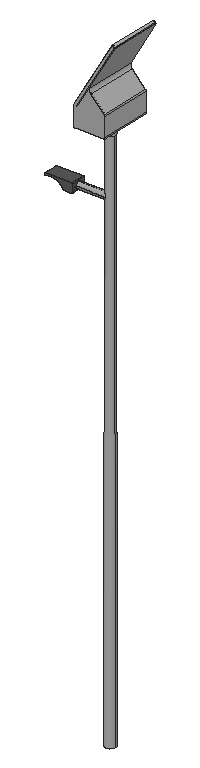
Revit family "Farola Solar Moon M acero galvanizado", category Luminarias, Revit 2021
Family settings
  Cota de conector redondo = Diámetro de uso
  Tipo de pieza = Normal
  Se basa en plano de trabajo = No
  Siempre vertical = Sí
  Corte con vacíos al cargar = No
  Origen de luz = No
  Compartido = Sí
  Punto de cálculo de habitación = No
Parameters (values of type "Farola Olintu S pintura gris")
  URL producto = "https://ekiona.com/farolas-solares/serie-moon/"
  URL = "https://www.ekiona.com/"
  Teléfono de contacto = "(+34) 943 30 80 51"
  Keynote = ""
  Modelo = "Modelo Moon"
  Marcado CE = "SÍ"
  Garantía = "5 años"
  Gama de colores = "Blanco, Negro, Gris, Verde bosque, acero galvanizado"
  Gama de acabados = "Galvanizado, Fibra de vidrio, Aluminio"
  Fabricante = "Ekiona"
  Elevación por defecto = 2000 mm
  E-mail de contacto = "info@ekiona.com"
  Distancia inserto-columa = Altura columna planos - 136 mm  # 5864 mm
  Distancia brazo-final de columna = Altura columna planos - 700 mm  # 5300 mm
  Dirección = "Parque Tecnológico Miramón - Paseo Mikeletegi 56 - 20009 Donostia/San Sebastián"
  Descripción de la empresa = "Diseñamos, desarrollamos, fabricamos y comercializamos farolas solares que se adaptan a cualquier necesidad."
  Descripción = "Farola solar compacta y estética, la unión entre eficiencia y diseño"
  Clase eficiencia energética = "A++"
  Altura columna extremos = 6000 mm
  Altura columna planos = Altura columna extremos  # 6000 mm
Types (3, lengths in mm): name | URL producto | Modelo | Garantía | Gama de colores | Gama de acabados | Distancia inserto-columa | Distancia brazo-final de columna | Dirección | Descripción de la empresa | Descripción | Altura columna extremos | Altura columna planos
  (no name) | "https://ekiona.com/farolas-solares/serie-moon/" | "Modelo Moon" | "5 años" | "Blanco, Negro, Gris, Verde bosque, acero galvanizado" | "Galvanizado, Fibra de vidrio, Aluminio" | 5864 | 5300 | "Parque Tecnológico Miramón - Paseo Mikeletegi 56 - 20009 Donostia/San Sebastián" | "Diseñamos, desarrollamos, fabricamos y comercializamos farolas solares que se adaptan a cualquier necesidad." | "Farola solar compacta y estética, la unión entre eficiencia y diseño" | 6000 | 6000
  Farola Olintu S pintura blanca | "https://ekiona.com/farolas-solares/serie-olintu/" | "Modelo Olintu" | "2 años" | "" | "" | 3864 | 3300 | "" | "" | "Farola solar que combina diseño y eficencia" | 4000 | 4000
  Farola Olintu S pintura gris | "https://ekiona.com/farolas-solares/serie-moon/" | "Modelo Moon" | "5 años" | "Blanco, Negro, Gris, Verde bosque, acero galvanizado" | "Galvanizado, Fibra de vidrio, Aluminio" | 5864 | 5300 | "Parque Tecnológico Miramón - Paseo Mikeletegi 56 - 20009 Donostia/San Sebastián" | "Diseñamos, desarrollamos, fabricamos y comercializamos farolas solares que se adaptan a cualquier necesidad." | "Farola solar compacta y estética, la unión entre eficiencia y diseño" | 6000 | 6000
Reference planes
  plane 1 "Center (Front/Back)": y = 0
  plane 2: z = 0
  plane 3 "Center (Left/Right)": x = 0
  plane 4: z = 6000
  plane 5: z = 5300
Dimensions and locks
  "Altura columna planos": plane 2 to plane 4
  "Distancia brazo-final de columna": level to plane 5
  "Distancia inserto-columa": level to nested 3
  aligned and locked: level to plane 2
  aligned and locked: plane 5 to nested 2
Nested families
  nested 1: "Columna Moon M acero galvanizado" at (5, 0, 0), Altura columna <- "Altura columna extremos", type "Columna 6m"
  nested 2: "Luminaria Moon M acero galvanizado" at (5, 0, 5251.464), type "Luminaria 20W"
  nested 3: "Tolva Moon M acero galvanizado" at (5, 340, 4524.796), type "Tolva Moon M acero galvanizado"
Definition of nested family "Columna Moon M acero galvanizado"
  Parameters (values of type "Columna 7m")
    Øsuperior columna = 88 mm
    Øinferior columna = 115 mm
    Material columna = none
    Default Elevation = 0 mm
    Altura columna [instance] = 7000 mm
  Types (2, lengths in mm): name | Altura columna
    Columna 6m | 6000
    Columna 7m | 7000
  Reference planes
    plane 1 "Center (Front/Back)": y = 0
    plane 2: z = 0
    plane 3 "Center (Left/Right)": x = 0
    plane 4: z = 7000
  Forms (mm)
    Blend 1, solid, material <- "Material columna"
      base sketch origin (0, 0, 0) x (1, 0, 0) y (0, 1, 0)
        loop
          circle (0.091, 0.421) r 57.5
      top sketch origin (0, 0, 0) x (1, 0, 0) y (0, 1, 0)
        loop
          circle (0.091, 0.421) r 44
      from 0 to 7000
  Dimensions and locks
    "Altura columna": plane 4 to level
    "Øinferior columna": diameter of Blend 1 sketch curve
    "Øsuperior columna": diameter of Blend 1 sketch curve
    aligned and locked: level to plane 2
    aligned and locked: plane 4 to Blend 1
  Automatic sketch dimensions
    plane 3 "Center (Left/Right)" to Blend 1 sketch curve = 0.091 mm  (x2)
    Blend 1 sketch curve to plane 1 "Center (Front/Back)" = 0.421 mm  (x2)
Definition of nested family "Luminaria Moon M acero galvanizado"
  Parameters (values of type "Luminaria 50W")
    Tilt Angle = 70.00°
    built-in parameter 1010506 = 0.34907 (stored number, unit not read)
    built-in parameter 1010507 = 1.2217 (stored number, unit not read)
    Wattage = 50 W
    built-in parameter 1150107 = 3000 (stored number, unit not read)
    built-in parameter 1150110 = 1 (stored number, unit not read)
    built-in parameter 1150109 = 1 (stored number, unit not read)
    built-in parameter 1150112 = 1 (stored number, unit not read)
    built-in parameter 1150113 = 1 (stored number, unit not read)
    built-in parameter 1114218 = 1 (stored number, unit not read)
    built-in parameter 1150137 = (empty or 0)
    built-in parameter 1150132 = (empty or 0)
    Material luminaria = none
    Material brazo = none
    Material LED = none
    Light Source Symbol Length = 3048 mm
    built-in parameter 1150105 = 60769.7 (stored number, unit not read)
    built-in parameter 1150102 = (empty or 0)
    built-in parameter 1150106 = 607.7 (stored number, unit not read)
    Emit Shape Visible in Rendering = no
    Lumens = 8250 lm
    Color Filter = 16777215
    built-in parameter 1114217 = 0.7 (stored number, unit not read)
    built-in parameter 1150139 = (empty or 0)
    Default Elevation = 0 mm
    built-in parameter 1150104 = 15.329 (stored number, unit not read)
    Emit from Circle Diameter = 50 mm
    built-in parameter 1150115 = 1 (stored number, unit not read)
    built-in parameter 1150114 = 1 (stored number, unit not read)
    built-in parameter 1150138 = (empty or 0)
    built-in parameter 1150134 = (empty or 0)
    Dimming Lamp Color Temperature Shift = (empty or 0)
    built-in parameter 1150133 = 10 (stored number, unit not read)
  Types (4, lengths in mm): name | Wattage | built-in parameter 1150105 | built-in parameter 1150106 | Lumens
    Luminaria 30W | 30 W | 36461.8 (stored number, unit not read) | 364.62 (stored number, unit not read) | 4950 lm
    Luminaria 20W | 20 W | 24307.9 (stored number, unit not read) | 243.08 (stored number, unit not read) | 3300 lm
    Luminaria 40W | 40 W | 48615.8 (stored number, unit not read) | 486.16 (stored number, unit not read) | 6600 lm
    Luminaria 50W | 50 W | 60769.7 (stored number, unit not read) | 607.7 (stored number, unit not read) | 8250 lm
  Reference planes
    plane 1 "Center (Front/Back)": y = 0
    plane 2: z = 0
    plane 3 "Center (Left/Right)": x = 0
  Forms (mm)
    Revolve 1, solid, material <- "Material brazo"
      sketch origin (303.946, 1.989, 0) x (1, 0, 0) y (0, 1, 0)
        loop
          line (-668.06, 30) -> (-302.022, 30) -> (-302.022, 33.284) -> (-668.06, 33.284) -> (-668.06, 30)
        axis (-668.06, 0) -> (-302.022, 0)
      angle from 0 to 360
    Revolve 2, solid, material <- "Material LED"
      sketch origin (637.978, 0, -3.572) x (1, 0, 0) y (0, 0, 1)
        loop
          arc (-1192.369, 27.257) -> (-1185.047, 9.579) -> (-1167.369, 2.257) r 25
          line (-1167.369, 2.257) -> (-1167.369, 27.257) -> (-1192.369, 27.257)
        axis (-1167.369, 27.257) -> (-1167.369, 2.257)
      angle from 0 to 360
    Extrusion 3, solid, material <- "Material luminaria"
      sketch origin (188.457, 170, 0) x (1, 0, 0) y (0, 0, 1)
        loop
          arc (-530.557, 45) -> (-532.034, 47.059) -> (-534.093, 48.536) r 7.795
          line (-534.093, 48.536) -> (-819.093, 48.536)
          arc (-819.093, 48.536) -> (-830.585, 37.044) -> (-819.093, 25.552) r 11.492
          line (-819.093, 25.552) -> (-754.765, 25.552)
          arc (-754.765, 25.552) -> (-719.662, 20.455) -> (-685.221, 11.966) r 364.063
          arc (-685.221, 11.966) -> (-667.18, 1.896) -> (-655.103, -14.869) r 47.612
          arc (-655.103, -14.869) -> (-633.37, -40.263) -> (-603.441, -55.142) r 83.798
          arc (-603.441, -55.142) -> (-569.333, -56.37) -> (-535.764, -50.207) r 157.18
          arc (-535.764, -50.207) -> (-532.082, -48.682) -> (-530.557, -45) r 5.207
          line (-530.557, -45) -> (-530.557, 45)
      from 95.307 to 250
  Dimensions and locks
    aligned and locked: level to plane 2
Definition of nested family "Tolva Moon M acero galvanizado"
  Parameters (values of type "Tolva Moon M acero galvanizado")
    Model = "Tolva Olintu"
    Material inserto = none
    Material estructura base = none
    Manufacturer = "Ekiona"
    Default Elevation = 0 mm
    Ancho panel = 545 mm
  Reference planes
    plane 1 "Center (Front/Back)": y = 0
    plane 2: z = 0
    plane 3 "Center (Left/Right)": x = 0
    plane 4 "paralelo a vista izq": y = -337.5
    plane 5 "Plano 1": through (259.959, -25, 3493.187) normal (-0.5, 0, 0.866)
    plane 6: through (97.83, 0, 2130.088) normal (-0.866, 0, 0.5)
  Forms (mm)
    Revolve 1, solid, material <- "Material inserto"
      sketch origin (0, 0, -386.551) x (0, 1, 0) y (0, 0, 1)
        loop
          line (-287.5, 2035.827) -> (-287.5, 1725.755) -> (-284.5, 1725.755) -> (-284.5, 2035.827) -> (-287.5, 2035.827)
        axis (-337.5, 2035.827) -> (-337.5, 1725.755)
      angle from 0 to 360
    Extrusion 2, solid, not visible
      sketch origin (124.705, 0, 1465.982) x (1, 0, 0) y (0, 0, 1)
        loop
          line (25.298, 2103.034) -> (-292.965, 1551.785) -> (-241.004, 1521.785) -> (77.26, 2073.034) -> (25.298, 2103.034)
      from 70.047 to 615.047
    Extrusion 3, void, not visible
      sketch origin (-63.196, 0, 1140.322) x (1, 0, 0) y (0, 0, 1)
        loop
          line (224.128, 2422.685) -> (236.948, 2349.979) -> (276.798, 2419.002) -> (224.128, 2422.685)
      from 0 to 675
    Extrusion 4, void, not visible
      sketch origin (124.705, 0, 1465.982) x (1, 0, 0) y (0, 0, 1)
        loop
          line (-212.839, 1570.569) -> (-289.787, 1549.95) -> (-300.47, 1528.787) -> (-231.188, 1488.787) -> (-191.188, 1558.069) -> (-212.839, 1570.569)
      from 0 to 675
    Extrusion 5, solid, not visible
      sketch origin (-63.252, 0, 1140.601) x (1, 0, 0) y (0, 0, 1)
        loop
          line (212.635, 2427.51) -> (224.709, 2420.539) -> (237.206, 2349.669) -> (152.052, 2202.179) -> (153.752, 2201.197) -> (239.192, 2349.183) -> (226.372, 2421.888) -> (213.635, 2429.242) -> (212.635, 2427.51)
      from 70.047 to 615.047
    Extrusion 6, solid, not visible
      sketch origin (124.679, 0, 1466.114) x (1, 0, 0) y (0, 0, 1)
        loop
          line (-35.879, 1876.666) -> (-212.705, 1570.395) -> (-289.813, 1549.734) -> (-293.065, 1551.612) -> (-294.068, 1549.876) -> (-290.068, 1547.567) -> (-211.46, 1568.63) -> (-34.182, 1875.686) -> (-35.879, 1876.666)
      from 70.047 to 615.047
    Extrusion 7, solid, not visible
      sketch origin (124.769, 0, 1465.921) x (1, 0, 0) y (0, 0, 1)
        loop
          line (-292.965, 1551.785) -> (25.035, 2102.578) -> (-5.276, 2120.078) -> (-323.276, 1569.285) -> (-292.965, 1551.785)
      from 70.047 to 615.047
    Extrusion 8, void, not visible
      sketch origin (-1013.482, -34.1, 1392.821) x (0, 1, 0) y (0.5, 0, 0.866025)
        loop
          line (-463.861, 2321.81) -> (-416.148, 2321.81)
          arc (-416.148, 2321.81) -> (-419.48, 2339.286) -> (-430.409, 2353.323) r 37.954
          arc (-430.409, 2353.323) -> (-445.409, 2358.568) -> (-460.409, 2353.323) r 24.073
          arc (-460.409, 2353.323) -> (-471.433, 2339.075) -> (-474.645, 2321.349) r 37.954
          arc (-474.645, 2321.349) -> (-473.167, 2312.913) -> (-469.836, 2305.024) r 37.954
          arc (-469.836, 2305.024) -> (-441.562, 2289.96) -> (-416.017, 2309.293) r 29.744
          line (-416.017, 2309.293) -> (-423.962, 2312.74)
          arc (-423.962, 2312.74) -> (-442.617, 2300.75) -> (-461.255, 2312.766) r 20.484
          arc (-461.255, 2312.766) -> (-462.888, 2317.193) -> (-463.861, 2321.81) r 32.425
        loop
          line (-462.861, 2331.038) -> (-427.861, 2331.038)
          arc (-427.861, 2331.038) -> (-445.361, 2348.538) -> (-462.861, 2331.038) r 17.5
        loop
          line (-407.152, 2354.99) -> (-407.152, 2299.99)
          arc (-407.152, 2299.99) -> (-401.908, 2294.747) -> (-396.665, 2299.99) r 5.244
          line (-396.665, 2299.99) -> (-396.665, 2315.008) -> (-387.196, 2324.476) -> (-367.121, 2295.806)
          arc (-367.121, 2295.806) -> (-360.158, 2294.578) -> (-358.93, 2301.542) r 5
          line (-358.93, 2301.542) -> (-380.016, 2331.656) -> (-362.339, 2349.334)
          arc (-362.339, 2349.334) -> (-362.339, 2357.323) -> (-370.328, 2357.323) r 5.649
          line (-370.328, 2357.323) -> (-396.665, 2330.986) -> (-396.665, 2354.99)
          arc (-396.665, 2354.99) -> (-401.908, 2360.234) -> (-407.152, 2354.99) r 5.244
        loop
          line (-345.695, 2330.348) -> (-345.695, 2298.296)
          arc (-345.695, 2298.296) -> (-340.695, 2293.296) -> (-335.695, 2298.296) r 5
          line (-335.695, 2298.296) -> (-335.695, 2330.348)
          arc (-335.695, 2330.348) -> (-340.695, 2335.348) -> (-345.695, 2330.348) r 5
        loop
          arc (-313.958, 2351.943) -> (-322.635, 2348.932) -> (-329.497, 2355.038) r 9.076
          arc (-329.497, 2355.038) -> (-336.449, 2361.579) -> (-345.695, 2359.211) r 9.903
          arc (-345.695, 2359.211) -> (-348.682, 2355.086) -> (-349.922, 2350.147) r 13.45
          arc (-349.922, 2350.147) -> (-346.706, 2343.243) -> (-339.177, 2342.089) r 8.071
          arc (-339.177, 2342.089) -> (-335.695, 2342.685) -> (-332.214, 2342.089) r 10.463
          arc (-332.214, 2342.089) -> (-327.031, 2338.208) -> (-325.061, 2332.04) r 10.635
          arc (-325.061, 2332.04) -> (-262.525, 2310.202) -> (-313.958, 2351.943) r 33.621
        loop
          line (-250.357, 2353.481) -> (-250.357, 2298.481)
          arc (-250.357, 2298.481) -> (-243.625, 2291.749) -> (-236.893, 2298.481) r 6.732
          line (-236.893, 2298.481) -> (-236.893, 2343.466)
          arc (-236.893, 2343.466) -> (-229.971, 2349.019) -> (-221.459, 2351.529) r 22.933
          arc (-221.459, 2351.529) -> (-212.902, 2347.984) -> (-209.357, 2339.427) r 12.102
          line (-209.357, 2339.427) -> (-209.357, 2298.481)
          arc (-209.357, 2298.481) -> (-203.024, 2292.148) -> (-196.691, 2298.481) r 6.333
          line (-196.691, 2298.481) -> (-196.691, 2339.905)
          arc (-196.691, 2339.905) -> (-198.028, 2347.169) -> (-201.863, 2353.481) r 20.404
          arc (-201.863, 2353.481) -> (-219.569, 2360.932) -> (-237.793, 2354.854) r 27.258
          arc (-237.793, 2354.854) -> (-244.69, 2359.8) -> (-250.357, 2353.481) r 6.357
        loop
          arc (-184.719, 2344.597) -> (-181.441, 2338.502) -> (-174.681, 2339.98) r 5.745
          arc (-174.681, 2339.98) -> (-169.693, 2349.593) -> (-159.36, 2352.836) r 14.106
          arc (-159.36, 2352.836) -> (-151.076, 2350.212) -> (-144.661, 2344.349) r 20.193
          line (-144.661, 2344.349) -> (-144.661, 2338.186)
          arc (-144.661, 2338.186) -> (-158.183, 2333.475) -> (-172.248, 2330.794) r 97.575
          arc (-172.248, 2330.794) -> (-181.869, 2326.808) -> (-185.855, 2317.187) r 13.607
          arc (-185.855, 2317.187) -> (-186.09, 2312.502) -> (-186.044, 2307.811) r 78.299
          arc (-186.044, 2307.811) -> (-182.313, 2300.899) -> (-176.154, 2296.024) r 19.471
          arc (-176.154, 2296.024) -> (-166.154, 2293.649) -> (-156.154, 2296.024) r 22.235
          arc (-156.154, 2296.024) -> (-150.683, 2299.242) -> (-145.676, 2303.144) r 48.757
          line (-145.676, 2303.144) -> (-145.676, 2297.176)
          arc (-145.676, 2297.176) -> (-140.801, 2292.301) -> (-135.926, 2297.176) r 4.875
          line (-135.926, 2297.176) -> (-135.926, 2347.483)
          arc (-135.926, 2347.483) -> (-140.108, 2354.143) -> (-146.491, 2358.739) r 20.503
          arc (-146.491, 2358.739) -> (-158.534, 2361.376) -> (-170.577, 2358.739) r 28.822
          arc (-170.577, 2358.739) -> (-178.914, 2352.934) -> (-184.719, 2344.597) r 28.822
        loop
          arc (-144.661, 2330.676) -> (-156.177, 2325.488) -> (-168.693, 2323.785) r 44.019
          arc (-168.693, 2323.785) -> (-173.358, 2321.852) -> (-175.29, 2317.187) r 6.598
          arc (-175.29, 2317.187) -> (-175.527, 2313.145) -> (-175.29, 2309.103) r 34.669
          arc (-175.29, 2309.103) -> (-173.729, 2305.335) -> (-169.961, 2303.774) r 5.329
          arc (-169.961, 2303.774) -> (-163.465, 2302.436) -> (-156.969, 2303.774) r 16.436
          arc (-156.969, 2303.774) -> (-150.056, 2308.034) -> (-144.661, 2314.101) r 27.926
          line (-144.661, 2314.101) -> (-144.661, 2330.676)
      from -19.407 to 3
    Revolve 9, solid, not visible
      sketch origin (0, 0, 1241.412) x (0, 1, 0) y (0, 0, 1)
        loop
          line (-287.5, 2035.827) -> (-287.5, 1725.755) -> (-284.5, 1725.755) -> (-284.5, 2035.827) -> (-287.5, 2035.827)
        axis (-337.5, 2035.827) -> (-337.5, 1725.755)
      angle from 0 to 360
    Extrusion 10, solid, not visible
      sketch origin (128.943, 0, 6.927) x (1, 0, 0) y (0, 0, 1)
        loop
          line (25.298, 2103.034) -> (-292.965, 1551.785) -> (-241.004, 1521.785) -> (77.26, 2073.034) -> (25.298, 2103.034)
      from 70.047 to 615.047
    Extrusion 11, solid, not visible
      sketch origin (-59.014, 0, -318.454) x (1, 0, 0) y (0, 0, 1)
        loop
          line (212.635, 2427.51) -> (224.709, 2420.539) -> (237.206, 2349.669) -> (152.052, 2202.179) -> (153.752, 2201.197) -> (239.192, 2349.183) -> (226.372, 2421.888) -> (213.635, 2429.242) -> (212.635, 2427.51)
      from 70.047 to 615.047
    Extrusion 12, solid, not visible
      sketch origin (128.918, 0, 7.059) x (1, 0, 0) y (0, 0, 1)
        loop
          line (-35.879, 1876.666) -> (-212.705, 1570.395) -> (-289.813, 1549.734) -> (-293.065, 1551.612) -> (-294.068, 1549.876) -> (-290.068, 1547.567) -> (-211.46, 1568.63) -> (-34.182, 1875.686) -> (-35.879, 1876.666)
      from 70.047 to 615.047
    Revolve 13, solid, not visible
      sketch origin (0, 0, -217.643) x (0, 1, 0) y (0, 0, 1)
        loop
          line (-287.5, 2035.827) -> (-287.5, 1725.755) -> (-284.5, 1725.755) -> (-284.5, 2035.827) -> (-287.5, 2035.827)
        axis (-337.5, 2035.827) -> (-337.5, 1725.755)
      angle from 0 to 360
    Extrusion 14, solid
      sketch origin (106.298, 0, 251.777) x (1, 0, 0) y (0, 0, 1)
        loop
          line (160.132, 2120.334) -> (134.151, 2135.334) -> (-268.349, 1438.184) -> (-242.368, 1423.184) -> (160.132, 2120.334)
      from 72.309 to 613.86
    Extrusion 15, solid, material <- "Material estructura base"
      sketch origin (0, 0, 0) x (1, 0, 0) y (0, 0, 1)
        loop
          arc (147.315, 1456.297) -> (160.446, 1461.736) -> (165.885, 1474.867) r 18.569
          line (165.885, 1474.867) -> (165.885, 1674.867)
          arc (165.885, 1674.867) -> (163.765, 1685.3) -> (157.744, 1694.079) r 26.74
          line (157.744, 1694.079) -> (12.787, 1839.036)
          arc (12.787, 1839.036) -> (-0.782, 1863.06) -> (0, 1890.64) r 51.489
          line (0, 1890.64) -> (275.091, 2367.111) -> (244.78, 2384.611) -> (-167.647, 1670.268)
          arc (-167.647, 1670.268) -> (-169.408, 1662.657) -> (-170, 1654.867) r 51.572
          line (-170, 1654.867) -> (-170, 1477.511)
          arc (-170, 1477.511) -> (-163.787, 1462.511) -> (-148.787, 1456.297) r 21.213
          line (-148.787, 1456.297) -> (147.315, 1456.297)
      from 70.047 to 615.047
  Dimensions and locks
    Revolve 1 sketch curve to Revolve 1 sketch curve = 50 mm
    Revolve 1 sketch curve to Revolve 1 sketch curve = 53 mm
    Revolve 13 sketch curve to Revolve 13 sketch curve = 50 mm
    Revolve 13 sketch curve to Revolve 13 sketch curve = 53 mm
    Extrusion 15 to Extrusion 14 = 805 mm
    aligned and locked: level to plane 2
